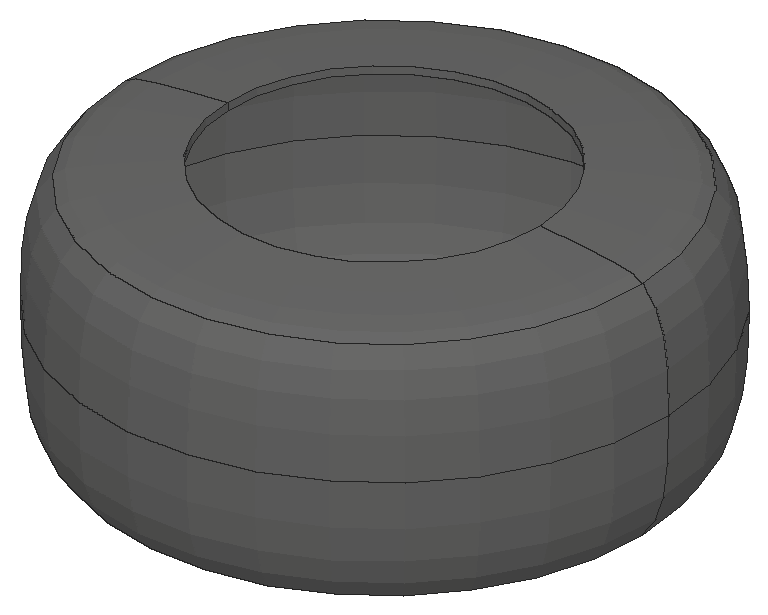
Revit family "copertone", category Generic Models, Revit 2012
Parameters
  larghezza = 25.0395 cm
  gomma = gomma
  diametro = 344.3111 cm
Reference planes (cm)
  plane 1 "Centro (Fronte/Retro)": y = 0
  plane 2: z = 0
  plane 3 "Centro (Sinistra/Destra)": x = 0
  plane 4: z = 111.2493
  plane 5: z = 123.453
  plane 6: z = 98.4135
Forms (cm)
  Revolve 1, solid, material "gomma" <- "gomma"
    sketch origin (0, 0, 0) x (1, 0, 0) y (0, 0, 1)
      loop
        spline (-27.6547, 111.2319) -> (-27.6524, 109.7305) -> (-27.6245, 108.3622) -> (-27.5676, 107.118) -> (-27.478, 105.9887) -> (-27.3522, 104.9653) -> (-27.1865, 104.0387) -> (-26.9773, 103.1999) -> (-26.7212, 102.4397) -> (-26.4144, 101.7492) -> (-26.0534, 101.1191) -> (-25.6346, 100.5405) -> (-25.1545, 100.0043)
        spline (-25.1545, 100.0043) -> (-24.9376, 99.818) -> (-24.6111, 99.6527) -> (-24.1748, 99.505) -> (-23.6283, 99.3716) -> (-22.9711, 99.2491) -> (-22.2029, 99.1341) -> (-21.3234, 99.0233) -> (-20.3321, 98.9132) -> (-19.2286, 98.8006) -> (-18.0127, 98.682) -> (-16.6839, 98.5541) -> (-15.2418, 98.4135)
        line (-15.2418, 98.4135) -> (-15.2418, 99.0951) -> (-23.6666, 100.2792)
        spline (-23.6666, 100.2792) -> (-24.0442, 100.7052) -> (-24.4019, 101.2031) -> (-24.7371, 101.7779) -> (-25.0471, 102.4346) -> (-25.3292, 103.1781) -> (-25.581, 104.0133) -> (-25.7996, 104.9454) -> (-25.9826, 105.9792) -> (-26.1273, 107.1198) -> (-26.231, 108.3721) -> (-26.2911, 109.7412) -> (-26.3051, 111.2319)
        spline (-26.3051, 111.2319) -> (-26.2733, 112.6456) -> (-26.1993, 113.9433) -> (-26.0854, 115.1298) -> (-25.934, 116.2098) -> (-25.7476, 117.1881) -> (-25.5287, 118.0694) -> (-25.2795, 118.8585) -> (-25.0027, 119.5601) -> (-24.7005, 120.1791) -> (-24.3755, 120.7201) -> (-24.0301, 121.1879) -> (-23.6666, 121.5873)
        line (-23.6666, 121.5873) -> (-15.2418, 122.7713) -> (-15.2418, 123.453)
        spline (-15.2418, 123.453) -> (-16.6839, 123.3124) -> (-18.0127, 123.1845) -> (-19.2286, 123.0659) -> (-20.3321, 122.9532) -> (-21.3234, 122.8432) -> (-22.2029, 122.7323) -> (-22.9711, 122.6173) -> (-23.6283, 122.4948) -> (-24.1748, 122.3614) -> (-24.6111, 122.2138) -> (-24.9376, 122.0485) -> (-25.1545, 121.8622)
        spline (-25.1545, 121.8622) -> (-25.6164, 121.3585) -> (-26.0204, 120.814) -> (-26.3702, 120.22) -> (-26.6692, 119.5679) -> (-26.921, 118.8491) -> (-27.129, 118.0552) -> (-27.2968, 117.1774) -> (-27.4278, 116.2073) -> (-27.5256, 115.1363) -> (-27.5937, 113.9558) -> (-27.6356, 112.6572) -> (-27.6547, 111.2319)
      axis (0, 123.453) -> (0, 98.4135)
    angle from 0 to 360
Dimensions and locks (cm)
  "larghezza": plane 5 to plane 6
  aligned and locked: level to plane 2
  aligned and locked: plane 6 to Revolve 1
  aligned and locked: plane 5 to Revolve 1
Automatic sketch dimensions
  Revolve 1 sketch curve to plane 3 "Centro (Sinistra/Destra)" = 0 cm
  Revolve 1 sketch curve to plane 3 "Centro (Sinistra/Destra)" = 15.2418 cm  (x2)
  plane 4 to Revolve 1 sketch curve = 10.3381 cm
  Revolve 1 sketch curve to Revolve 1 sketch curve = 8.4248 cm  (x2)
  plane 4 to Revolve 1 sketch curve = 10.6129 cm
  Revolve 1 sketch curve to Revolve 1 sketch curve = 1.4879 cm  (x2)
  Revolve 1 sketch curve to plane 4 = 0.0174 cm  (x2)
  Revolve 1 sketch curve to Revolve 1 sketch curve = 2.6385 cm
  Revolve 1 sketch curve to Revolve 1 sketch curve = 1.3496 cm
  Revolve 1 sketch curve to Revolve 1 sketch curve = 10.9527 cm
  Revolve 1 sketch curve to Revolve 1 sketch curve = 0.2749 cm
  Revolve 1 sketch curve to Revolve 1 sketch curve = 1.184 cm  (x2)
  Revolve 1 sketch curve to Revolve 1 sketch curve = 0.6817 cm  (x2)
  plane 6 to Revolve 1 sketch curve = 13.3712 cm
  Revolve 1 sketch curve to plane 5 = 16.6731 cm
